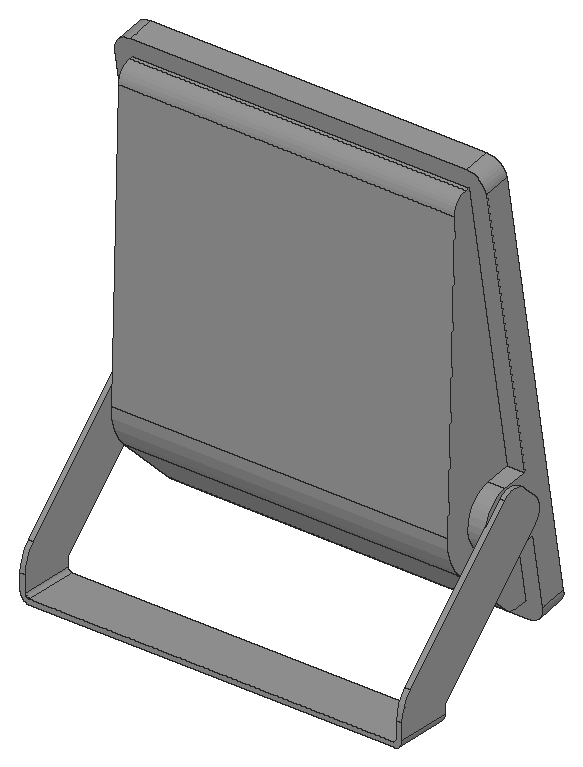
Revit family "0048524", category Lighting Fixtures, host Face, Revit 2017
Family settings
  Host = Face
  Round Connector Dimension = Use Diameter
  Part Type = Normal
  OmniClass Number = 23.80.70.00
  OmniClass Title = Lighting
  Cut with Voids When Loaded = No
  Light Source = No
  Shared = No
  Room Calculation Point = No
Parameters (values of type "0048524 START FLOOD IP66 6KLM 830 WB")
  WingRadius_SYL = 10 mm
  WingLength_SYL = if([50W_SYL], 100 mm, if([100W_SYL], 142 mm, if([150W_SYL], 142 mm, if([200W_SYL], 150 mm, 170 mm))))  # 100 mm
  WidthBracket_SYL = 30 mm
  Weight = "2.5 kg"
  Wattage Comments = ""
  WarrantyStartDate [instance] = "n/a"
  WarrantyGuarantorParts = "n/a"
  WarrantyDurationUnit = "n/a"
  WarrantyDurationParts = "n/a"
  WarrantyDescription = "n/a"
  Voltage = 0 V
  URL = "http://www.sylvania-lighting.com"
  TypeName = "Start Flood IP66 6KLM 830 WB"
  TypeHead_SYL = START Flood IP66 50W luminaire : 0048524
  Type Image = <None>
  Type Comments = "n/a"
  ThicknessBracket_SYL = 3 mm
  SerialNumber [instance] = "n/a"
  RotationAngle_SYL [instance] = -100.00°
  RadiusOutBracket_SYL = 5 mm
  RadiusInBracket_SYL = 2 mm
  Material_3_SYL = none
  PowerFactor = 0.95
  PowerConsumption = "50 W"
  NominalLength = 314 mm
  NominalHeight = 63 mm
  NominalDepth = 240 mm
  Name = "Start Flood IP66 6KLM 830 WB"
  ModelReference = Name  # "Start Flood IP66 6KLM 830 WB"
  ModelNumber = "0048524"
  Model = Name  # "Start Flood IP66 6KLM 830 WB"
  Material = "n/a"
  ManufacturerName = "Feilo Sylvania"
  Manufacturer = "Feilo Sylvania"
  LuminousEfficacy = "126 lm/W"
  LuminaireType = ""
  LightOutputRatio = "n/a"
  LengthIn_SYL = if([50W_SYL], 210 mm, if([100W_SYL], 300 mm, if([150W_SYL], 295 mm, if([200W_SYL], 360 mm, 430 mm))))  # 210 mm
  LampsType = Lamp  # "LED"
  LampNominalLuminous = "6300 lm"
  LampMacAdamStep = "4"
  LampColourTemperature = "3000 K"
  LampColourRenderingIndex = "70"
  Lamp = "LED"
  Keynote = "16500"
  InstallationDate [instance] = "n/a"
  InputVoltage = "n/a"
  InputNominalFrequency = "n/a"
  IngressProtection = "IP66"
  ImpactProtectionIndex = "IK08"
  IfcExportType = "IfcLightFixtureType"
  IfcExportAs = "IfcLightFixtureType"
  EndAngle_SYL [instance] = RotationAngle_SYL + 180.00°  # 80.00°
  ElectricShockClassification = "Class I"
  DocumentationLiterature = "http://www.sylvania-lighting.com/product/en-int/products/0048524"
  DimmingControlOptions = "n/a"
  Material_2_SYL = none
  Description = "Exterior LED Floodlight, comes complete with 1000mm flying lead and adjustable bracket, aluminium housing, clear glass diffuser, IP66, IK08, Class I, 3000K, Non-dimming, 6300lm, 50W, 126lm/W, CRI80, Symmetrical Wide beam angle (60°), 60000 hrs L70B50 lifetime, 314 x 240 x 63mm (LxWxD) dimensions, 2.5kg weight."
  Default Elevation = 1219.2 mm
  CreatedOn = "9/23/2020"
  CreatedBy = "@sylvania-lighting.com"
  Cost = 0
  built-in parameter 1114216 [instance] = (empty or 0)
  ClassificationValue = "EF_70_80"
  ClassificationName = "Uniclass2015"
  Material_1_SYL = Steel, Paint Finish, Dark Gray, Matte
  BarCode [instance] = "n/a"
  AxisOffsetWingEnd_SYL = WidthBracket_SYL / 2  # 15 mm
  AxisHeight_SYL = sin(45.00°) * WingLength_SYL  # 70.711 mm
  AxisDepth_SYL = cos(45.00°) * (WingLength_SYL - tan(45.00°) * AxisOffsetWingEnd_SYL - AxisOffsetWingEnd_SYL)  # 49.497 mm
  AssetType = "Fixed"
  AssetIdentifier [instance] = "n/a"
  Assembly Code = "D5020200"
  Apparent Load = 50 VA
  Material_4_SYL = none
  50W_SYL = yes
  200W_SYL = no
  150W_SYL = no
  100W_SYL = no
Reference planes
  plane 1 "Center (Front/Back)": y = 0
  plane 2: z = 0
  plane 3 "Center (Left/Right)": x = 0
  plane 4: x = 108
  plane 5: x = -108
  plane 6: x = 105
  plane 7: x = -105
  plane 8: z = 10
  plane 9: y = 15
  plane 10: y = -15
  plane 11: z = 3
  plane 12: z = 80.711
  plane 13: y = 64.497
Forms (mm)
  Extrusion 1, solid, material "Steel, Paint Finish, Dark Gray, Matte" <- "Material_1_SYL"
    sketch origin (0, 0, 0) x (1, 0, 0) y (0, 0, 1)
      loop
        arc (103, 0) -> (106.536, 1.464) -> (108, 5) r 5
        line (108, 5) -> (108, 10) -> (105, 10) -> (105, 5)
        arc (105, 5) -> (104.414, 3.586) -> (103, 3) r 2
        line (103, 3) -> (-103, 3)
        arc (-103, 3) -> (-104.414, 3.586) -> (-105, 5) r 2
        line (-105, 5) -> (-105, 10) -> (-108, 10) -> (-108, 5)
        arc (-108, 5) -> (-106.536, 1.464) -> (-103, 0) r 5
        line (-103, 0) -> (103, 0)
    from -15 to 15
  Extrusion 2, solid, material "Steel, Paint Finish, Dark Gray, Matte" <- "Material_1_SYL"
    sketch origin (105, -4572, 2609.058) x (0, 0, 1) y (0, -1, 0)
      loop
        line (-2599.058, -4587) -> (-2535.418, -4650.64)
        arc (-2535.418, -4650.64) -> (-2528.347, -4653.569) -> (-2521.276, -4650.64) r 10
        line (-2521.276, -4650.64) -> (-2514.205, -4643.569)
        arc (-2514.205, -4643.569) -> (-2511.276, -4636.497) -> (-2514.205, -4629.426) r 10
        line (-2514.205, -4629.426) -> (-2580.774, -4562.858)
        arc (-2580.774, -4562.858) -> (-2587.262, -4558.522) -> (-2594.916, -4557) r 20
        line (-2594.916, -4557) -> (-2599.058, -4557) -> (-2599.058, -4587)
    from 0 to 3
  Extrusion 3, solid, material "Steel, Paint Finish, Dark Gray, Matte" <- "Material_1_SYL"
    sketch origin (-108, -4572, 2609.058) x (0, 0, 1) y (0, -1, 0)
      loop
        arc (-2535.418, -4650.64) -> (-2528.347, -4653.569) -> (-2521.276, -4650.64) r 10
        line (-2521.276, -4650.64) -> (-2514.205, -4643.569)
        arc (-2514.205, -4643.569) -> (-2511.276, -4636.497) -> (-2514.205, -4629.426) r 10
        line (-2514.205, -4629.426) -> (-2580.774, -4562.858)
        arc (-2580.774, -4562.858) -> (-2587.262, -4558.522) -> (-2594.916, -4557) r 20
        line (-2594.916, -4557) -> (-2604.058, -4557) -> (-2604.058, -4587) -> (-2599.058, -4587) -> (-2535.418, -4650.64)
    from 0 to 3
  Revolve 4, solid, not visible
    sketch origin (1223.4, -4572, 80.711) x (0, -1, 0) y (1, 0, 0)
      loop
        line (-4636.497, -1223.4) -> (-4651.497, -1223.4) -> (-4651.497, -1273.4) -> (-4636.497, -1273.4) -> (-4636.497, -1223.4)
      axis (-4636.497, -1223.4) -> (-4636.497, -1273.4)
    angle from -100 <- "RotationAngle_SYL" to 80 <- "EndAngle_SYL"
Cuts and joins
  joined: Extrusion 1, Extrusion 2, Extrusion 3
Lines and regions (mm)
  reference lines
    curve 1: line (0, 15, 10) -> (0, 167.028, 162.028)
    curve 2: line (0, 138.744, 176.17) -> (0, -15, 22.426)
    curve 3: line (0, 64.497, 101.924) -> (0, 85.711, 80.711)
    curve 4: line (-108, 4.393, 20.607) -> (-108, 165.135, 181.348)
    curve 5: line (0, 53.891, 91.317) -> (0, 75.104, 70.104)
Dimensions and locks
  locked: plane 8 to plane 2 at 10
  equal spacing: plane 10, plane 1 "Center (Front/Back)", plane 9
  "WidthBracket_SYL": plane 10 to plane 9
  "WidthBracket_SYL": curve 1 to curve 2
  "ThicknessBracket_SYL": plane 11 to plane 2
  "WingLength_SYL": curve 1 to curve 3
  level to Extrusion 1 = 10 mm
  equal spacing: plane 6, plane 3 "Center (Left/Right)", plane 7
  "LengthIn_SYL": plane 6 to plane 7
  equal spacing: plane 4, plane 3 "Center (Left/Right)", plane 5
  "ThicknessBracket_SYL": plane 7 to plane 5
  equal spacing: curve 1, curve 4, curve 2
  "AxisOffsetWingEnd_SYL": curve 3 to curve 5
  "AxisHeight_SYL": plane 12 to plane 8
  "AxisDepth_SYL": plane 9 to plane 13
  "RadiusInBracket_SYL": radius of Extrusion 1 sketch curve  (x2)
  "RadiusOutBracket_SYL": radius of Extrusion 1 sketch curve  (x2)
  "WingRadius_SYL": radius of Extrusion 2 sketch curve  (x2)
  locked: plane 8 to curve 1 (angle 45.00°)
  locked: plane 8 to curve 2 (angle 45.00°)
  aligned and locked: plane 2 to host face
  aligned and locked: level to host face
  aligned and locked: plane 9 to curve 1
  aligned and locked: plane 8 to curve 1
  aligned and locked: plane 10 to curve 2
  aligned and locked: plane 5 to Extrusion 1 sketch curve
  aligned and locked: plane 8 to Extrusion 1 sketch curve  (x2)
  aligned and locked: Extrusion 1 sketch curve to plane 7
  aligned and locked: plane 11 to Extrusion 1 sketch curve
  aligned and locked: plane 6 to Extrusion 1 sketch curve
  aligned and locked: Extrusion 1 sketch curve to plane 4
  aligned and locked: Extrusion 1 to plane 9
  aligned and locked: plane 10 to Extrusion 1
  aligned and locked: Extrusion 2 sketch curve to curve 1
  aligned and locked: curve 2 to Extrusion 2 sketch curve
  aligned and locked: plane 10 to Extrusion 2 sketch curve
  aligned and locked: Extrusion 2 sketch curve to Extrusion 1
  aligned and locked: plane 4 to Extrusion 2
  aligned and locked: Extrusion 2 to plane 6
  aligned and locked: plane 7 to Extrusion 3
  aligned and locked: Extrusion 3 to plane 5
  aligned and locked: cut or joined group of Extrusion 1, Extrusion 2, Extrusion 3 to curve 5  (x2)
  aligned and locked: Revolve 4 sketch curve to plane 13  (x2)
  aligned and locked: Revolve 4 sketch curve to curve 3
  aligned and locked: curve 2 to plane 3 "Center (Left/Right)"
  aligned and locked: Extrusion 3 sketch curve to cut or joined group of Extrusion 1, Extrusion 2, Extrusion 3  (x5)
  aligned and locked: cut or joined group of Extrusion 1, Extrusion 2, Extrusion 3 to Extrusion 3 sketch curve
  aligned and locked: nested 1 to plane 3 "Center (Left/Right)"
Automatic sketch dimensions
  host sketch curve to host sketch curve = 2438.4 mm  (x2)
  curve 4 to plane 1 "Center (Front/Back)" = 4.393 mm
  curve 4 to plane 9 = 150.135 mm
  Revolve 4 sketch curve to Revolve 4 sketch curve = 15 mm
  Revolve 4 sketch curve to plane 3 "Center (Left/Right)" = 50 mm
  Revolve 4 sketch curve to plane 5 = 1316.635 mm
  plane 4 to Revolve 4 sketch curve = 1441.773 mm
  Extrusion 3 sketch curve to plane 10 = 5.858 mm
  plane 12 to Extrusion 3 sketch curve = 7.071 mm
  Extrusion 3 sketch curve to plane 12 = 7.071 mm
  Extrusion 3 sketch curve to Extrusion 3 sketch curve = 7.071 mm
  plane 13 to Extrusion 3 sketch curve = 7.071 mm
  Extrusion 1 sketch curve to Extrusion 1 sketch curve = 0 mm  (x2)
  plane 12 to Extrusion 2 sketch curve = 0 mm
  Extrusion 2 sketch curve to plane 13 = 0 mm
  Extrusion 2 sketch curve to Extrusion 2 sketch curve = 4.142 mm
  Extrusion 2 sketch curve to plane 10 = 5.858 mm
  plane 12 to Extrusion 2 sketch curve = 7.071 mm
  Extrusion 2 sketch curve to plane 12 = 7.071 mm
  plane 13 to Extrusion 2 sketch curve = 7.071 mm
  Extrusion 2 sketch curve to plane 13 = 7.071 mm
Nested families
  nested 1: "START Flood IP66 50W luminaire" at (0, 64.497, 80.711) x (-1, 0, 0) z (0, 0.9848, 0.1736), type <- "TypeHead_SYL", type "0048524"
    with built-in parameter 1114216 (empty or 0)
Connectors
  electrical at (4.2, 0, 0), driven by "Voltage", driven by "Apparent Load", driven by "PowerFactor"
    settings: on host face, index 1, voltage 0 V, apparent load 50 VA, apparent load phase1 0 VA, apparent load phase2 0 VA, apparent load phase3 0 VA, power factor 0.95, load classification "Other", number of poles 1, system type 30, power factor state 1, is connector primary yes, connector utility no, sub classification motor no, connector description ""
Definition of nested family "START Flood IP66 50W luminaire"
  Parameters (values of type "0048524")
    WidthHead_SYL = if([50W_SYL], 210 mm, if([100W_SYL], 300 mm, if([150W_SYL], 295 mm, if([200W_SYL], 360 mm, 430 mm))))  # 210 mm
    Wattage Comments = "n/a"
    Wattage = 50 W
    built-in parameter 1150110 = 1 (stored number, unit not read)
    URL = "http://www.sylvania-lighting.com"
    Type Image = (empty or 0)
    Type Comments = "n/a"
    built-in parameter 1114217 = 1 (stored number, unit not read)
    Tilt Angle = -90.00°
    built-in parameter 1150109 = 1 (stored number, unit not read)
    built-in parameter 1150134 = 12
    built-in parameter 1150113 = 1 (stored number, unit not read)
    ScreenThickness_SYL = 14.5 mm  # constant formula
    ReflectorOffset_SYL = 12 mm  # constant formula
    ReflectorOffsetIn_SYL = RadiusReflectorFront_SYL  # 30 mm
    ReflectorHeight_SYL = if([50W_SYL], 145 mm, if([100W_SYL], 165 mm, if([150W_SYL], 210 mm, if([200W_SYL], 240 mm, 290 mm))))  # 145 mm
    RadiusReflectorIn_SYL = 5 mm  # constant formula
    RadiusReflectorFront_SYL = if([50W_SYL], 30 mm, if([100W_SYL], 30 mm, if([150W_SYL], 30 mm, if([200W_SYL], 30 mm, 35 mm))))  # 30 mm
    RadiusHinge_SYL = RadiusBack_SYL / 1.8  # 17.389 mm
    RadiusBack_SYL = if([50W_SYL], 31.3 mm, if([100W_SYL], 40 mm, if([150W_SYL], 40 mm, if([200W_SYL], 50 mm, 55 mm))))  # 31.3 mm
    Photometric Web File = "0048524.IES"
    OffsetBack_SYL = 10 mm  # constant formula
    Material_5_SYL = none
    Material_3_SYL = none
    Model = "Start Flood IP66 7200lm 740 WB"
    Manufacturer = "Feilo Sylvania"
    built-in parameter 1150105 = 7875 (stored number, unit not read)
    Lumens = 7400 lm
    built-in parameter 1150115 = 1 (stored number, unit not read)
    built-in parameter 1150137 = (empty or 0)
    built-in parameter 1150139 = (empty or 0)
    built-in parameter 1150112 = 1 (stored number, unit not read)
    built-in parameter 1150114 = 1 (stored number, unit not read)
    Lamp = "LED"
    Keynote = "16500"
    Material_2_SYL = none
    built-in parameter 1150132 = (empty or 0)
    built-in parameter 1150102 = (empty or 0)
    built-in parameter 1150107 = 4000 (stored number, unit not read)
    built-in parameter 1150138 = (empty or 0)
    built-in parameter 1150106 = 78.75 (stored number, unit not read)
    HeightHead_SYL = if([50W_SYL], 250 mm, if([100W_SYL], 320 mm, if([150W_SYL], 367 mm, if([200W_SYL], 400 mm, 470 mm))))  # 250 mm
    Emit from Rectangle Width = WidthHead_SYL - 4 mm - ReflectorOffset_SYL * 2 - ReflectorOffsetIn_SYL * 2  # 122 mm
    Emit from Rectangle Length = ReflectorHeight_SYL - ReflectorOffsetIn_SYL * 2  # 85 mm
    Emit Shape Visible in Rendering = no
    built-in parameter 1150104 = 13.75 (stored number, unit not read)
    Dimming Lamp Color Temperature Shift = (empty or 0)
    Description = ""
    Default Elevation = 1219.2 mm
    Cost = 0
    Color Filter = 16777215
    built-in parameter 1114216 [instance] = (empty or 0)
    Material_1_SYL = none
    Chamfer_SYL = if([50W_SYL], 15 mm, if([100W_SYL], 15 mm, if([150W_SYL], 15 mm, if([200W_SYL], 15 mm, 20 mm))))  # 15 mm
    built-in parameter 1114218 = 1 (stored number, unit not read)
    AxisOffsetBottom_SYL = if([50W_SYL], 68 mm, if([100W_SYL], 80 mm, if([150W_SYL], 92.2 mm, if([200W_SYL], 99.7 mm, 117 mm))))  # 68 mm
    AxisOffsetFront_SYL = if([50W_SYL], 28.4 mm, if([100W_SYL], 33.2 mm, if([150W_SYL], 33.2 mm, if([200W_SYL], 32.9 mm, 38.3 mm))))  # 28.4 mm
    built-in parameter 1150133 = 10 (stored number, unit not read)
    Assembly Code = "D5020200"
    Apparent Load = 50 VA
    Material_4_SYL = none
    50W_SYL = yes
    200W_SYL = no
    150W_SYL = no
    100W_SYL = no
  Reference planes
    plane 1 "Center (Front/Back)": y = 0
    plane 2: z = 0
    plane 3 "Center (Left/Right)": x = 0
    plane 4: x = 105
    plane 5: x = -105
    plane 6: y = -68
    plane 7: y = 182
    plane 8: z = 28.4
    plane 9: z = 13.9
    plane 10: y = 172
    plane 11: y = -58
    plane 12: x = -95
    plane 13: x = 95
    plane 14: x = -103
    plane 15: y = 180
    plane 16: x = 103
    plane 17: y = -66
    plane 18: y = 165
    plane 19: x = 88
    plane 20: x = -88
    plane 21: y = -51
    plane 22: z = 26.4
    plane 23: z = 3.9
    plane 24: x = -91
    plane 25: y = 168
    plane 26: x = 91
    plane 27: y = 23
    plane 28: x = -61
    plane 29: y = 53
    plane 30: x = 61
    plane 31: y = 138
    plane 32: y = 95.5
  Forms (mm)
    Extrusion 1, solid
      sketch origin (4.2, 0, 0) x (1, 0, 0) y (0, 1, 0)
        loop
          line (-1219.2, 1219.2) -> (-1219.2, -1219.2) -> (1219.2, -1219.2) -> (1219.2, 1219.2) -> (-1219.2, 1219.2)
      from 0 to -68.017
    Extrusion 2, solid, material <- "Material_1_SYL"
      sketch origin (0, 1219.2, 28.4) x (1, 0, 0) y (0, -1, 0)
        loop
          line (-95, 1037.2) -> (95, 1037.2)
          arc (95, 1037.2) -> (102.071, 1040.129) -> (105, 1047.2) r 10
          line (105, 1047.2) -> (105, 1277.2)
          arc (105, 1277.2) -> (102.071, 1284.271) -> (95, 1287.2) r 10
          line (95, 1287.2) -> (-95, 1287.2)
          arc (-95, 1287.2) -> (-102.071, 1284.271) -> (-105, 1277.2) r 10
          line (-105, 1277.2) -> (-105, 1047.2)
          arc (-105, 1047.2) -> (-102.071, 1040.129) -> (-95, 1037.2) r 10
      from 0 to 14.5
    Extrusion 3, void
      sketch origin (0, 1219.2, 28.4) x (1, 0, 0) y (0, -1, 0)
        loop
          line (-88, 1039.2) -> (88, 1039.2) -> (103, 1054.2) -> (103, 1270.2) -> (88, 1285.2) -> (-88, 1285.2) -> (-103, 1270.2) -> (-103, 1054.2) -> (-88, 1039.2)
      from 0 to 2
    Blend 4, void
      base sketch origin (0, 1219.2, 26.4) x (0, -1, 0) y (1, 0, 0)
        loop
          arc (1051.2, -61) -> (1059.987, -82.213) -> (1081.2, -91) r 30
          line (1081.2, -91) -> (1166.2, -91)
          arc (1166.2, -91) -> (1187.413, -82.213) -> (1196.2, -61) r 30
          line (1196.2, -61) -> (1196.2, 61)
          arc (1196.2, 61) -> (1187.413, 82.213) -> (1166.2, 91) r 30
          line (1166.2, 91) -> (1081.2, 91)
          arc (1081.2, 91) -> (1059.987, 82.213) -> (1051.2, 61) r 30
          line (1051.2, 61) -> (1051.2, -61)
      top sketch origin (0, 1219.2, 26.4) x (0, -1, 0) y (1, 0, 0)
        loop
          arc (1081.2, -58) -> (1083.044, -60.183) -> (1085.783, -61) r 5
          line (1085.783, -61) -> (1161.2, -61)
          arc (1161.2, -61) -> (1164.736, -59.536) -> (1166.2, -56) r 5
          line (1166.2, -56) -> (1166.2, 56)
          arc (1166.2, 56) -> (1164.736, 59.536) -> (1161.2, 61) r 5
          line (1161.2, 61) -> (1086.2, 61)
          arc (1086.2, 61) -> (1082.664, 59.536) -> (1081.2, 56) r 5
          line (1081.2, 56) -> (1081.2, -58)
      from 0 to -22.5
    Extrusion 5, solid, material <- "Material_1_SYL"
      sketch origin (0, 0, 0) x (0, 1, 0) y (0, 0, 1)
        loop
          line (-58, 13.9) -> (-58, 8.71)
          arc (-58, 8.71) -> (-56.917, 4.183) -> (-53.902, 0.637) r 10
          line (-53.902, 0.637) -> (-18.474, -25.267)
          arc (-18.474, -25.267) -> (-6.609, -30.594) -> (6.396, -30.639) r 31.3
          line (6.396, -30.639) -> (164.044, 2.271)
          arc (164.044, 2.271) -> (169.76, 5.753) -> (172, 12.06) r 10
          line (172, 12.06) -> (172, 13.9) -> (-58, 13.9)
      from -95 to 95
    Extrusion 6, solid, material <- "Material_4_SYL"
      sketch origin (0, 1219.2, 26.4) x (1, 0, 0) y (0, -1, 0)
        loop
          line (88, 1039.2) -> (103, 1054.2) -> (103, 1270.2) -> (88, 1285.2) -> (-88, 1285.2) -> (-103, 1270.2) -> (-103, 1054.2) -> (-88, 1039.2) -> (88, 1039.2)
      from -2 to 0
    Extrusion 7, solid, material <- "Material_1_SYL"
      sketch origin (0, 0, 0) x (0, 1, 0) y (0, 0, 1)
        loop
          arc (-17.389, 0) -> (0, -17.389) -> (17.389, 0) r 17.389
          line (17.389, 0) -> (17.389, 13.9) -> (-17.389, 13.9) -> (-17.389, 0)
      from -105 to 105
  Cuts and joins
    Extrusion 3, Blend 4 cuts Extrusion 2
    joined: Extrusion 2, Extrusion 5, Extrusion 7
  Lines and regions (mm)
    Split face 1
      outline origin (0, 1219.2, 28.4) x (1, 0, 0) y (0, 1, 0)
        loop
          arc (61, -1196.2) -> (82.213, -1187.413) -> (91, -1166.2) r 30
          line (91, -1166.2) -> (91, -1081.2)
          arc (91, -1081.2) -> (82.213, -1059.987) -> (61, -1051.2) r 30
          line (61, -1051.2) -> (-61, -1051.2)
          arc (-61, -1051.2) -> (-82.213, -1059.987) -> (-91, -1081.2) r 30
          line (-91, -1081.2) -> (-91, -1166.2)
          arc (-91, -1166.2) -> (-82.213, -1187.413) -> (-61, -1196.2) r 30
          line (-61, -1196.2) -> (61, -1196.2)
    reference lines
      curve 1: circle (0, 0, 0) r 31.3 normal (1, 0, 0)
      curve 2: line (-61, 168, 28.4) -> (61, 168, 28.4)
      curve 3: line (-91, 53, 28.4) -> (-91, 138, 28.4)
      curve 4: line (61, 23, 28.4) -> (-61, 23, 28.4)
      curve 5: line (91, 138, 28.4) -> (91, 53, 28.4)
      curve 6: arc (-61, 168, 28.4) -> (-82.213, 159.213, 28.4) -> (-91, 138, 28.4) r 30
      curve 7: arc (61, 168, 28.4) -> (82.213, 159.213, 28.4) -> (91, 138, 28.4) r 30
      curve 8: arc (-91, 53, 28.4) -> (-82.213, 31.787, 28.4) -> (-61, 23, 28.4) r 30
      curve 9: arc (61, 23, 28.4) -> (82.213, 31.787, 28.4) -> (91, 53, 28.4) r 30
      curve 10: line (-58, 138, 28.4) -> (56, 138, 28.4)
      curve 11: line (-61, 58, 28.4) -> (-61, 133.417, 28.4)
      curve 12: line (56, 53, 28.4) -> (-56, 53, 28.4)
      curve 13: line (61, 133, 28.4) -> (61, 58, 28.4)
      curve 14: arc (-58, 138, 28.4) -> (-60.183, 136.156, 28.4) -> (-61, 133.417, 28.4) r 5
      curve 15: arc (-56, 53, 28.4) -> (-59.536, 54.464, 28.4) -> (-61, 58, 28.4) r 5
      curve 16: arc (61, 58, 28.4) -> (59.536, 54.464, 28.4) -> (56, 53, 28.4) r 5
      curve 17: arc (56, 138, 28.4) -> (59.536, 136.536, 28.4) -> (61, 133, 28.4) r 5
      curve 18: circle (0, 0, 0) r 17.389 normal (1, 0, 0)
  Dimensions and locks
    equal spacing: plane 4, plane 3 "Center (Left/Right)", plane 5
    "WidthHead_SYL": plane 4 to plane 5
    "AxisOffsetBottom_SYL": plane 6 to plane 1 "Center (Front/Back)"
    "HeightHead_SYL": plane 6 to plane 7
    "AxisOffsetFront_SYL": plane 8 to plane 2
    "ScreenThickness_SYL": plane 9 to plane 8
    equal spacing: plane 12, plane 3 "Center (Left/Right)", plane 13
    "OffsetBack_SYL": plane 5 to plane 12
    "OffsetBack_SYL": plane 10 to plane 7
    "OffsetBack_SYL": plane 6 to plane 11
    locked: plane 6 to plane 17 at 2
    locked: plane 16 to plane 4 at 2
    locked: plane 5 to plane 14 at 2
    locked: plane 15 to plane 7 at 2
    "Chamfer_SYL": plane 19 to plane 16
    "Chamfer_SYL": plane 14 to plane 20
    "Chamfer_SYL": plane 18 to plane 15
    locked: plane 22 to plane 8 at 2
    "Chamfer_SYL": plane 17 to plane 21
    locked: plane 23 to plane 9 at 10
    equal spacing: plane 24, plane 3 "Center (Left/Right)", plane 26
    "ReflectorOffset_SYL": plane 25 to plane 15
    "ReflectorHeight_SYL": plane 27 to plane 25
    "ReflectorOffset_SYL": plane 14 to plane 24
    "ReflectorOffsetIn_SYL": plane 31 to plane 25
    "ReflectorOffsetIn_SYL": plane 24 to plane 28
    "ReflectorOffsetIn_SYL": plane 27 to plane 29
    "ReflectorOffsetIn_SYL": plane 30 to plane 26
    level to Extrusion 7 = 13.9 mm
    equal spacing: plane 29, plane 32, plane 31
    "RadiusBack_SYL": radius of curve 1
    "OffsetBack_SYL": radius of Extrusion 2 sketch curve  (x4)
    "RadiusReflectorFront_SYL": radius of curve 6
    "RadiusReflectorFront_SYL": radius of curve 8
    "RadiusReflectorFront_SYL": radius of curve 9
    "RadiusReflectorFront_SYL": radius of curve 7
    "RadiusReflectorIn_SYL": radius of curve 14
    "RadiusReflectorIn_SYL": radius of curve 15
    "RadiusReflectorIn_SYL": radius of curve 16
    "RadiusReflectorIn_SYL": radius of curve 17
    "RadiusHinge_SYL": radius of curve 18
    radius of Extrusion 5 sketch curve = 10 mm  (x2)
    aligned and locked: plane 2 to Extrusion 1
    aligned and locked: level to Extrusion 1
    aligned and locked: Extrusion 2 sketch curve to plane 7
    aligned and locked: plane 12 to Extrusion 2 sketch curve  (x2)
    aligned and locked: plane 13 to Extrusion 2 sketch curve  (x2)
    aligned and locked: plane 10 to Extrusion 2 sketch curve
    aligned and locked: plane 11 to Extrusion 2 sketch curve  (x2)
    aligned and locked: plane 9 to Extrusion 2
    aligned and locked: Extrusion 2 to plane 8
    aligned and locked: plane 20 to Extrusion 3 sketch curve
    aligned and locked: plane 18 to Extrusion 3 sketch curve
    aligned and locked: plane 14 to Extrusion 3 sketch curve
    aligned and locked: plane 17 to Extrusion 3 sketch curve
    aligned and locked: Extrusion 3 sketch curve to plane 16
    aligned and locked: plane 19 to Extrusion 3 sketch curve
    aligned and locked: plane 15 to Extrusion 3 sketch curve
    aligned and locked: plane 22 to Extrusion 3
    aligned and locked: Extrusion 3 to plane 8
    aligned and locked: curve 2 to plane 25
    aligned and locked: curve 3 to plane 24
    aligned and locked: plane 27 to curve 4
    aligned and locked: plane 26 to curve 5
    aligned and locked: curve 10 to plane 31
    aligned and locked: curve 11 to plane 28
    aligned and locked: plane 29 to curve 12
    aligned and locked: plane 30 to curve 13
    aligned and locked: Blend 4 sketch curve to curve 6
    aligned and locked: Blend 4 sketch curve to curve 8
    aligned and locked: Blend 4 sketch curve to curve 9
    aligned and locked: Blend 4 sketch curve to curve 7
    aligned and locked: Blend 4 sketch curve to curve 10
    aligned and locked: Blend 4 sketch curve to curve 17
    aligned and locked: Blend 4 sketch curve to curve 16
    aligned and locked: Blend 4 sketch curve to curve 15
    aligned and locked: Blend 4 sketch curve to curve 14
    aligned and locked: Blend 4 to plane 22
    aligned and locked: Extrusion 5 sketch curve to curve 1
    aligned and locked: Extrusion 5 to plane 12
    aligned and locked: plane 13 to Extrusion 5
    aligned and locked: plane 23 to Blend 4
    aligned and locked: Extrusion 6 sketch curve to cut or joined group of Extrusion 2, Extrusion 3, Blend 4, Extrusion 5, Extrusion 7  (x8)
    aligned and locked: plane 22 to Extrusion 6
    aligned and locked: Extrusion 6 to plane 8
    aligned and locked: Split face 1 sketch curve to cut or joined group of Extrusion 2, Extrusion 3, Blend 4, Extrusion 5, Extrusion 7  (x4)
    aligned and locked: Extrusion 7 sketch curve to curve 18
    aligned and locked: plane 9 to Extrusion 7 sketch curve  (x2)
    aligned and locked: plane 4 to Extrusion 7
    aligned and locked: Extrusion 7 to plane 5
    aligned and locked: plane 3 "Center (Left/Right)" to imposter light
    aligned and locked: plane 32 to imposter light
    aligned and locked: imposter light to plane 8
  Automatic sketch dimensions
    Extrusion 1 sketch curve to Extrusion 1 sketch curve = 2438.4 mm  (x2)
    Extrusion 3 sketch curve to plane 20 = 0 mm
    Extrusion 3 sketch curve to plane 19 = 0 mm
    plane 21 to Extrusion 3 sketch curve = 0 mm  (x2)
    plane 18 to Extrusion 3 sketch curve = 0 mm
    plane 28 to curve 10 = 3 mm
    curve 1 to curve 18 = 0 mm  (x2)
    curve 18 to level = 0 mm
    curve 18 to plane 1 "Center (Front/Back)" = 0 mm
    Extrusion 7 sketch curve to level = 0 mm
    Extrusion 5 sketch curve to plane 11 = 0 mm
    Extrusion 5 sketch curve to plane 10 = 0 mm
    plane 9 to Extrusion 5 sketch curve = 0 mm
    level to Extrusion 5 sketch curve = 0.637 mm
    Extrusion 5 sketch curve to plane 11 = 4.098 mm
    plane 1 "Center (Front/Back)" to Extrusion 5 sketch curve = 18.474 mm
    Extrusion 5 sketch curve to plane 1 "Center (Front/Back)" = 6.396 mm
    plane 18 to Extrusion 5 sketch curve = 0.956 mm
    plane 23 to Extrusion 5 sketch curve = 1.629 mm
